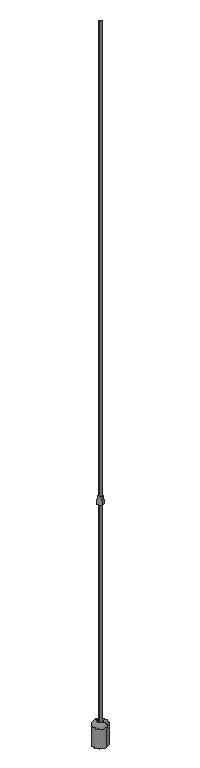
Revit family "Hinaki 1400", category Lighting Fixtures, host Ceiling, Revit 2017
Family settings
  Host = Ceiling
  Round Connector Dimension = Use Diameter
  Part Type = Normal
  OmniClass Number = 23.80.70.11
  OmniClass Title = Luminaries for Internal Lighting
  Always vertical = Yes
  Cut with Voids When Loaded = No
  Light Source = Yes
  Shared = No
  Room Calculation Point = No
Parameters (values of type "Generic")
  Wattage Comments = "Max. 60 Watts. 110V(US) / 230-240V(EU). Lamp NOT provided."
  Wattage = 6.7321 W
  built-in parameter 1150110 = 1 (stored number, unit not read)
  URL = "https://www.davidtrubridge.com"
  Type Comments = "Ceilig Rose required, contact supplier for options."
  built-in parameter 1114217 = 1 (stored number, unit not read)
  built-in parameter 1150109 = 1 (stored number, unit not read)
  built-in parameter 1150134 = (empty or 0)
  Suspension Top [instance] = Suspension Mid - 200 mm  # 1800 mm
  built-in parameter 1150113 = 1 (stored number, unit not read)
  Model = "Hinaki 1400"
  Manufacturer = "David Trubridge"
  Lumens = 1000 lm
  built-in parameter 1150115 = 1 (stored number, unit not read)
  built-in parameter 1150105 = 79.577 (stored number, unit not read)
  Suspension Mid [instance] = 2000 mm
  Light Source Symbol Size = 300 mm
  built-in parameter 1150137 = (empty or 0)
  built-in parameter 1150139 = (empty or 0)
  Lamp Wattage = 0 W
  built-in parameter 1150112 = 1 (stored number, unit not read)
  built-in parameter 1150114 = 1 (stored number, unit not read)
  Lamp = "E27 / (E26 USA)"
  built-in parameter 1150132 = 2
  built-in parameter 1150102 = (empty or 0)
  built-in parameter 1150138 = (empty or 0)
  built-in parameter 1150107 = 3000 (stored number, unit not read)
  built-in parameter 1150106 = 0.79577 (stored number, unit not read)
  built-in parameter 1150104 = 13.8 (stored number, unit not read)
  Dimming Lamp Color Temperature Shift = <None>
  Description = "Pendant in bamboo plywood. Can be made in a large range of colours. Lamp is not supplied"
  Cordset Finish = Plastic, Opaque White
  Color Filter = 16777215
  built-in parameter 1114218 = 1 (stored number, unit not read)
  built-in parameter 1150133 = 10 (stored number, unit not read)
  Apparent Load = 0 VA
Reference planes
  plane 1 "Light Source Axis (F/B)": y = 0
  plane 2: z = 0
  plane 3 "Light Source Axis (L/R)": x = 0
  plane 4 "Ceiling": z = 4000
  plane 5 "Light Source Elevation": z = 2000
  plane 6 "Top of pendant": z = 2700
  plane 7 "Light Socket": z = 2050
  plane 8 "Outer edge": x = -252.501
  plane 9 "Outer Edge": x = 252.599
  plane 10 "Bottom of Pendant": z = 1293.675
Forms (mm)
  Revolve 1, solid, material "Plastic, Opaque White" <- "Cordset Finish"
    sketch origin (0, 0, -205) x (1, 0, 0) y (0, 0, 1)
      loop
        line (0, 2317) -> (0, 2255) -> (20, 2255) -> (20, 2307)
        arc (20, 2307) -> (17.071, 2314.071) -> (10, 2317) r 10
        line (10, 2317) -> (0, 2317)
      axis (0, 2255) -> (0, 2317)
    angle from 0 to 360
  Extrusion 2, solid, material "Plastic, Opaque White" <- "Cordset Finish"
    sketch origin (0, 0, 3200) x (0, 1, 0) y (-1, 0, 0)
      loop
        circle (0, 0) r 3
    from -500 to 800
  Extrusion 3, solid, material "Plastic, Opaque White" <- "Cordset Finish"
    sketch origin (0, 0, 3200) x (0, 1, 0) y (-1, 0, 0)
      loop
        circle (0, 0) r 3
    from -1150 to -500
  Revolve 4, solid, material "Plastic, Opaque White" <- "Cordset Finish"
    sketch origin (0, 0, -40) x (1, 0, 0) y (0, 0, 1)
      loop
        line (0, 2760) -> (0, 2740) -> (7.5, 2740) -> (5, 2760) -> (0, 2760)
      axis (0, 2740) -> (0, 2760)
    angle from 0 to 360
Dimensions and locks
  equal spacing: host sketch curve, plane 3 "Light Source Axis (L/R)", host sketch curve
  equal spacing: host sketch curve, plane 1 "Light Source Axis (F/B)", host sketch curve
  host sketch curve to host sketch curve = 4000 mm  (x2)
  host ceiling to plane 4 "Ceiling" = 0 mm
  plane 4 "Ceiling" to level = 4000 mm
  "Suspension Mid": plane 5 "Light Source Elevation" to plane 4 "Ceiling"
  plane 5 "Light Source Elevation" to plane 6 "Top of pendant" = 700 mm
  locked: plane 5 "Light Source Elevation" to plane 7 "Light Socket" at 50
  plane 9 "Outer Edge" to plane 8 "Outer edge" = 505.1 mm
  plane 8 "Outer edge" to plane 9 "Outer Edge" = 505.1 mm
  plane 10 "Bottom of Pendant" to plane 6 "Top of pendant" = 1406.325 mm
  plane 3 "Light Source Axis (L/R)" to plane 8 "Outer edge" = 252.501 mm
  plane 9 "Outer Edge" to plane 3 "Light Source Axis (L/R)" = 252.599 mm
  aligned and locked: plane 3 "Light Source Axis (L/R)" to imposter light
  aligned and locked: plane 1 "Light Source Axis (F/B)" to imposter light
  aligned and locked: plane 5 "Light Source Elevation" to imposter light
  aligned and locked: plane 6 "Top of pendant" to Extrusion 2
  aligned and locked: Extrusion 3 to Revolve 1
  aligned and locked: plane 7 "Light Socket" to Extrusion 3
  aligned and locked: level to plane 2
  aligned and locked: Extrusion 3 to plane 6 "Top of pendant"
  aligned and locked: Extrusion 2 to plane 4 "Ceiling"
  aligned and locked: import instance to plane 6 "Top of pendant"
Automatic sketch dimensions
  Revolve 1 sketch curve to plane 3 "Light Source Axis (L/R)" = 0 mm
  plane 3 "Light Source Axis (L/R)" to Revolve 1 sketch curve = 0 mm
  plane 3 "Light Source Axis (L/R)" to Revolve 1 sketch curve = 10 mm
  Revolve 1 sketch curve to Revolve 1 sketch curve = 20 mm
  Revolve 1 sketch curve to plane 5 "Light Source Elevation" = 50 mm
  Revolve 1 sketch curve to Revolve 1 sketch curve = 52 mm
  Revolve 1 sketch curve to level = 563.228 mm
  Revolve 1 sketch curve to plane 4 "Ceiling" = 157.185 mm
  plane 1 "Light Source Axis (F/B)" to Extrusion 2 sketch curve = 0 mm
  Extrusion 2 sketch curve to plane 3 "Light Source Axis (L/R)" = 0 mm
  plane 1 "Light Source Axis (F/B)" to Extrusion 3 sketch curve = 0 mm
  Extrusion 3 sketch curve to plane 3 "Light Source Axis (L/R)" = 0 mm
  Revolve 4 sketch curve to plane 3 "Light Source Axis (L/R)" = 0 mm  (x2)
  Revolve 4 sketch curve to plane 6 "Top of pendant" = 0 mm
  plane 3 "Light Source Axis (L/R)" to Revolve 4 sketch curve = 5 mm
  plane 3 "Light Source Axis (L/R)" to Revolve 4 sketch curve = 7.5 mm
  Revolve 4 sketch curve to plane 6 "Top of pendant" = 20 mm
  Revolve 4 sketch curve to level = 344.8 mm
  plane 4 "Ceiling" to Revolve 4 sketch curve = 40 mm
  radius of Extrusion 2 sketch curve = 3 mm
  radius of Extrusion 3 sketch curve = 3 mm
Connectors
  electrical at (0, 0, 4000)
    settings: index 1, voltage 0 V, apparent load 0 VA, apparent load phase1 0 VA, apparent load phase2 0 VA, apparent load phase3 0 VA, power factor 1, load classification "Other", number of poles 1, system type 30, power factor state 0, is connector primary yes, connector utility no, sub classification motor no, connector description ""
